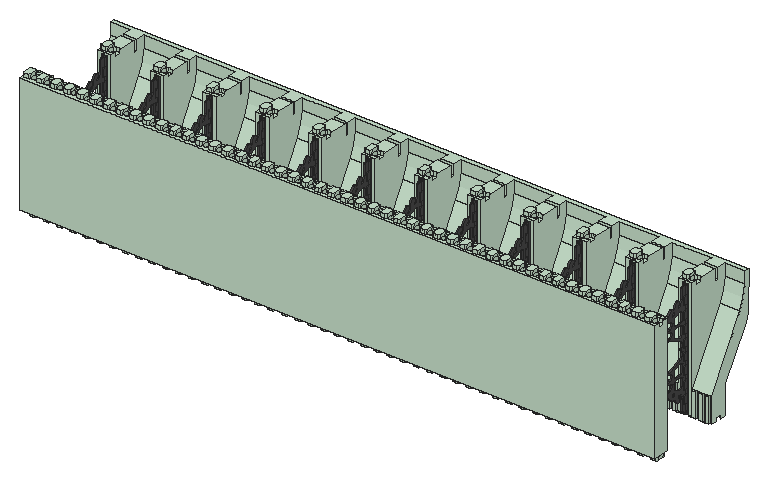
Revit family
Parameters (values of type "Standard 6" Form Unit")
  Core Thickness = 0' - 6"
Reference planes (in)
  plane 1 "Center (Front/Back)": y = -1
  plane 2: z = 0
  plane 3 "Center (Left/Right)": x = 0
  plane 4: x = 96
  plane 5: y = 3
  plane 6: y = -5
  plane 7: y = 5.625
  plane 8: y = -7.625
  plane 9: z = 18
  plane 10: z = 18.5
  plane 11: z = -0.5
Forms (in)
  Extrusion 1, solid, material "NUDURA Expanded Polystyrene Foam Insulation"
    sketch origin (0, -2, 0) x (1, 0, 0) y (0, 1, 0)
      loop
        line (0.28117, -3.25) -> (0, -3.25) -> (0, -5.625) -> (96, -5.625) -> (96, -3.25) -> (95.71883, -3.25) -> (95.78117, -3) -> (95.21883, -3) -> (95.28117, -3.25) -> (94.71883, -3.25) -> (94.78117, -3) -> (94.21883, -3) -> (94.28117, -3.25) -> (93.71883, -3.25) -> (93.78117, -3) -> (93.21883, -3) -> (93.28117, -3.25) -> (90.71883, -3.25) -> (90.78117, -3) -> (90.21883, -3) -> (90.28117, -3.25) -> (89.71883, -3.25) -> (89.78117, -3) -> (89.21883, -3) -> (89.28117, -3.25) -> (88.71883, -3.25) -> (88.78117, -3) -> (88.21883, -3) -> (88.28117, -3.25) -> (87.71883, -3.25) -> (87.78117, -3) -> (87.21883, -3) -> (87.28117, -3.25) -> (86.71883, -3.25) -> (86.78117, -3) -> (86.21883, -3) -> (86.28117, -3.25) -> (85.71883, -3.25) -> (85.78117, -3) -> (85.21883, -3) -> (85.28117, -3.25) -> (82.71883, -3.25) -> (82.78117, -3) -> (82.21883, -3) -> (82.28117, -3.25) -> (81.71883, -3.25) -> (81.78117, -3) -> (81.21883, -3) -> (81.28117, -3.25) -> (80.71883, -3.25) -> (80.78117, -3) -> (80.21883, -3) -> (80.28117, -3.25) -> (79.71883, -3.25) -> (79.78117, -3) -> (79.21883, -3) -> (79.28117, -3.25) -> (78.71883, -3.25) -> (78.78117, -3) -> (78.21883, -3) -> (78.28117, -3.25) -> (77.71883, -3.25) -> (77.78117, -3) -> (77.21883, -3) -> (77.28117, -3.25) -> (74.71883, -3.25) -> (74.78117, -3) -> (74.21883, -3) -> (74.28117, -3.25) -> (73.71883, -3.25) -> (73.78117, -3) -> (73.21883, -3) -> (73.28117, -3.25) -> (72.71883, -3.25) -> (72.78117, -3) -> (72.21883, -3) -> (72.28117, -3.25) -> (71.71883, -3.25) -> (71.78117, -3) -> (71.21883, -3) -> (71.28117, -3.25) -> (70.71883, -3.25) -> (70.78117, -3) -> (70.21883, -3) -> (70.28117, -3.25) -> (69.71883, -3.25) -> (69.78117, -3) -> (69.21883, -3) -> (69.28117, -3.25) -> (66.71883, -3.25) -> (66.78117, -3) -> (66.21883, -3) -> (66.28117, -3.25) -> (65.71883, -3.25) -> (65.78117, -3) -> (65.21883, -3) -> (65.28117, -3.25) -> (64.71883, -3.25) -> (64.78117, -3) -> (64.21883, -3) -> (64.28117, -3.25) -> (63.71883, -3.25) -> (63.78117, -3) -> (63.21883, -3) -> (63.28117, -3.25) -> (62.71883, -3.25) -> (62.78117, -3) -> (62.21883, -3) -> (62.28117, -3.25) -> (61.71883, -3.25) -> (61.78117, -3) -> (61.21883, -3) -> (61.28117, -3.25) -> (58.71883, -3.25) -> (58.78117, -3) -> (58.21883, -3) -> (58.28117, -3.25) -> (57.71883, -3.25) -> (57.78117, -3) -> (57.21883, -3) -> (57.28117, -3.25) -> (56.71883, -3.25) -> (56.78117, -3) -> (56.21883, -3) -> (56.28117, -3.25) -> (55.71883, -3.25) -> (55.78117, -3) -> (55.21883, -3) -> (55.28117, -3.25) -> (54.71883, -3.25) -> (54.78117, -3) -> (54.21883, -3) -> (54.28117, -3.25) -> (53.71883, -3.25) -> (53.78117, -3) -> (53.21883, -3) -> (53.28117, -3.25) -> (50.71883, -3.25) -> (50.78117, -3) -> (50.21883, -3) -> (50.28117, -3.25) -> (49.71883, -3.25) -> (49.78117, -3) -> (49.21883, -3) -> (49.28117, -3.25) -> (48.71883, -3.25) -> (48.78117, -3) -> (48.21883, -3) -> (48.28117, -3.25) -> (47.71883, -3.25) -> (47.78117, -3) -> (47.21883, -3) -> (47.28117, -3.25) -> (46.71883, -3.25) -> (46.78117, -3) -> (46.21883, -3) -> (46.28117, -3.25) -> (45.71883, -3.25) -> (45.78117, -3) -> (45.21883, -3) -> (45.28117, -3.25) -> (42.71883, -3.25) -> (42.78117, -3) -> (42.21883, -3) -> (42.28117, -3.25) -> (41.71883, -3.25) -> (41.78117, -3) -> (41.21883, -3) -> (41.28117, -3.25) -> (40.71883, -3.25) -> (40.78117, -3) -> (40.21883, -3) -> (40.28117, -3.25) -> (39.71883, -3.25) -> (39.78117, -3) -> (39.21883, -3) -> (39.28117, -3.25) -> (38.71883, -3.25) -> (38.78117, -3) -> (38.21883, -3) -> (38.28117, -3.25) -> (37.71883, -3.25) -> (37.78117, -3) -> (37.21883, -3) -> (37.28117, -3.25) -> (34.71883, -3.25) -> (34.78117, -3) -> (34.21883, -3) -> (34.28117, -3.25) -> (33.71883, -3.25) -> (33.78117, -3) -> (33.21883, -3) -> (33.28117, -3.25) -> (32.71883, -3.25) -> (32.78117, -3) -> (32.21883, -3) -> (32.28117, -3.25) -> (31.71883, -3.25) -> (31.78117, -3) -> (31.21883, -3) -> (31.28117, -3.25) -> (30.71883, -3.25) -> (30.78117, -3) -> (30.21883, -3) -> (30.28117, -3.25) -> (29.71883, -3.25) -> (29.78117, -3) -> (29.21883, -3) -> (29.28117, -3.25) -> (26.71883, -3.25) -> (26.78117, -3) -> (26.21883, -3) -> (26.28117, -3.25) -> (25.71883, -3.25) -> (25.78117, -3) -> (25.21883, -3) -> (25.28117, -3.25) -> (24.71883, -3.25) -> (24.78117, -3) -> (24.21883, -3) -> (24.28117, -3.25) -> (23.71883, -3.25) -> (23.78117, -3) -> (23.21883, -3) -> (23.28117, -3.25) -> (22.71883, -3.25) -> (22.78117, -3) -> (22.21883, -3) -> (22.28117, -3.25) -> (21.71883, -3.25) -> (21.78117, -3) -> (21.21883, -3) -> (21.28117, -3.25) -> (18.71883, -3.25) -> (18.78117, -3) -> (18.21883, -3) -> (18.28117, -3.25) -> (17.71883, -3.25) -> (17.78117, -3) -> (17.21883, -3) -> (17.28117, -3.25) -> (16.71883, -3.25) -> (16.78117, -3) -> (16.21883, -3) -> (16.28117, -3.25) -> (15.71883, -3.25) -> (15.78117, -3) -> (15.21883, -3) -> (15.28117, -3.25) -> (14.71883, -3.25) -> (14.78117, -3) -> (14.21883, -3) -> (14.28117, -3.25) -> (13.71883, -3.25) -> (13.78117, -3) -> (13.21883, -3) -> (13.28117, -3.25) -> (10.71883, -3.25) -> (10.78117, -3) -> (10.21883, -3) -> (10.28117, -3.25) -> (9.71883, -3.25) -> (9.78117, -3) -> (9.21883, -3) -> (9.28117, -3.25) -> (8.71883, -3.25) -> (8.78117, -3) -> (8.21883, -3) -> (8.28117, -3.25) -> (7.71883, -3.25) -> (7.78117, -3) -> (7.21883, -3) -> (7.28117, -3.25) -> (6.71883, -3.25) -> (6.78117, -3) -> (6.21883, -3) -> (6.28117, -3.25) -> (5.71883, -3.25) -> (5.78117, -3) -> (5.21883, -3) -> (5.28117, -3.25) -> (2.71883, -3.25) -> (2.78117, -3) -> (2.21883, -3) -> (2.28117, -3.25) -> (1.71883, -3.25) -> (1.78117, -3) -> (1.21883, -3) -> (1.28117, -3.25) -> (0.71883, -3.25) -> (0.78117, -3) -> (0.21883, -3) -> (0.28117, -3.25)
    from 0 to 18
  Extrusion 2, void
    sketch origin (0, -2, 0) x (1, 0, 0) y (0, 1, 0)
      loop
        arc (1, -4.89808) -> (1.04785, -5.04517) -> (1.17308, -5.13595) r 0.25
        arc (1.17308, -5.13595) -> (1.5, -5.1875) -> (1.82692, -5.13595) r 1.0625
        arc (1.82692, -5.13595) -> (1.95215, -5.04517) -> (2, -4.89808) r 0.25
        line (2, -4.89808) -> (2, -3.97692)
        arc (2, -3.97692) -> (1.98276, -3.88568) -> (1.9334, -3.80702) r 0.25
        arc (1.9334, -3.80702) -> (1.92106, -3.78736) -> (1.91675, -3.76455) r 0.0625
        line (1.91675, -3.76455) -> (1.91675, -3.41845) -> (1.74592, -3.41845) -> (1.74592, -3.64005)
        arc (1.74592, -3.64005) -> (1.72385, -3.68771) -> (1.67323, -3.70172) r 0.0625
        arc (1.67323, -3.70172) -> (1.42092, -3.69045) -> (1.17308, -3.73905) r 1.0625
        arc (1.17308, -3.73905) -> (1.04785, -3.82983) -> (1, -3.97692) r 0.25
        line (1, -3.97692) -> (1, -4.89808)
    from 18 to 17.5
  Extrusion 3, void
    sketch origin (2, -2, 0) x (1, 0, 0) y (0, 1, 0)
      loop
        arc (1, -4.89808) -> (1.04785, -5.04517) -> (1.17308, -5.13595) r 0.25
        arc (1.17308, -5.13595) -> (1.5, -5.1875) -> (1.82692, -5.13595) r 1.0625
        arc (1.82692, -5.13595) -> (1.95215, -5.04517) -> (2, -4.89808) r 0.25
        line (2, -4.89808) -> (2, -3.97692)
        arc (2, -3.97692) -> (1.98276, -3.88568) -> (1.9334, -3.80702) r 0.25
        arc (1.9334, -3.80702) -> (1.92106, -3.78736) -> (1.91675, -3.76455) r 0.0625
        line (1.91675, -3.76455) -> (1.91675, -3.41845) -> (1.74592, -3.41845) -> (1.74592, -3.64005)
        arc (1.74592, -3.64005) -> (1.72385, -3.68771) -> (1.67323, -3.70172) r 0.0625
        arc (1.67323, -3.70172) -> (1.42092, -3.69045) -> (1.17308, -3.73905) r 1.0625
        arc (1.17308, -3.73905) -> (1.04785, -3.82983) -> (1, -3.97692) r 0.25
        line (1, -3.97692) -> (1, -4.89808)
    from 18 to 17.5
  Extrusion 4, void
    sketch origin (4, -2, 0) x (1, 0, 0) y (0, 1, 0)
      loop
        arc (1, -4.89808) -> (1.04785, -5.04517) -> (1.17308, -5.13595) r 0.25
        arc (1.17308, -5.13595) -> (1.5, -5.1875) -> (1.82692, -5.13595) r 1.0625
        arc (1.82692, -5.13595) -> (1.95215, -5.04517) -> (2, -4.89808) r 0.25
        line (2, -4.89808) -> (2, -3.97692)
        arc (2, -3.97692) -> (1.98276, -3.88568) -> (1.9334, -3.80702) r 0.25
        arc (1.9334, -3.80702) -> (1.92106, -3.78736) -> (1.91675, -3.76455) r 0.0625
        line (1.91675, -3.76455) -> (1.91675, -3.41845) -> (1.74592, -3.41845) -> (1.74592, -3.64005)
        arc (1.74592, -3.64005) -> (1.72385, -3.68771) -> (1.67323, -3.70172) r 0.0625
        arc (1.67323, -3.70172) -> (1.42092, -3.69045) -> (1.17308, -3.73905) r 1.0625
        arc (1.17308, -3.73905) -> (1.04785, -3.82983) -> (1, -3.97692) r 0.25
        line (1, -3.97692) -> (1, -4.89808)
    from 18 to 17.5
  Extrusion 5, void
    sketch origin (6, -2, 0) x (1, 0, 0) y (0, 1, 0)
      loop
        arc (1, -4.89808) -> (1.04785, -5.04517) -> (1.17308, -5.13595) r 0.25
        arc (1.17308, -5.13595) -> (1.5, -5.1875) -> (1.82692, -5.13595) r 1.0625
        arc (1.82692, -5.13595) -> (1.95215, -5.04517) -> (2, -4.89808) r 0.25
        line (2, -4.89808) -> (2, -3.97692)
        arc (2, -3.97692) -> (1.98276, -3.88568) -> (1.9334, -3.80702) r 0.25
        arc (1.9334, -3.80702) -> (1.92106, -3.78736) -> (1.91675, -3.76455) r 0.0625
        line (1.91675, -3.76455) -> (1.91675, -3.41845) -> (1.74592, -3.41845) -> (1.74592, -3.64005)
        arc (1.74592, -3.64005) -> (1.72385, -3.68771) -> (1.67323, -3.70172) r 0.0625
        arc (1.67323, -3.70172) -> (1.42092, -3.69045) -> (1.17308, -3.73905) r 1.0625
        arc (1.17308, -3.73905) -> (1.04785, -3.82983) -> (1, -3.97692) r 0.25
        line (1, -3.97692) -> (1, -4.89808)
    from 18 to 17.5
  Extrusion 6, void
    sketch origin (8, -2, 0) x (1, 0, 0) y (0, 1, 0)
      loop
        arc (1, -4.89808) -> (1.04785, -5.04517) -> (1.17308, -5.13595) r 0.25
        arc (1.17308, -5.13595) -> (1.5, -5.1875) -> (1.82692, -5.13595) r 1.0625
        arc (1.82692, -5.13595) -> (1.95215, -5.04517) -> (2, -4.89808) r 0.25
        line (2, -4.89808) -> (2, -3.97692)
        arc (2, -3.97692) -> (1.98276, -3.88568) -> (1.9334, -3.80702) r 0.25
        arc (1.9334, -3.80702) -> (1.92106, -3.78736) -> (1.91675, -3.76455) r 0.0625
        line (1.91675, -3.76455) -> (1.91675, -3.41845) -> (1.74592, -3.41845) -> (1.74592, -3.64005)
        arc (1.74592, -3.64005) -> (1.72385, -3.68771) -> (1.67323, -3.70172) r 0.0625
        arc (1.67323, -3.70172) -> (1.42092, -3.69045) -> (1.17308, -3.73905) r 1.0625
        arc (1.17308, -3.73905) -> (1.04785, -3.82983) -> (1, -3.97692) r 0.25
        line (1, -3.97692) -> (1, -4.89808)
    from 18 to 17.5
  Extrusion 7, void
    sketch origin (10, -2, 0) x (1, 0, 0) y (0, 1, 0)
      loop
        arc (1, -4.89808) -> (1.04785, -5.04517) -> (1.17308, -5.13595) r 0.25
        arc (1.17308, -5.13595) -> (1.5, -5.1875) -> (1.82692, -5.13595) r 1.0625
        arc (1.82692, -5.13595) -> (1.95215, -5.04517) -> (2, -4.89808) r 0.25
        line (2, -4.89808) -> (2, -3.97692)
        arc (2, -3.97692) -> (1.98276, -3.88568) -> (1.9334, -3.80702) r 0.25
        arc (1.9334, -3.80702) -> (1.92106, -3.78736) -> (1.91675, -3.76455) r 0.0625
        line (1.91675, -3.76455) -> (1.91675, -3.41845) -> (1.74592, -3.41845) -> (1.74592, -3.64005)
        arc (1.74592, -3.64005) -> (1.72385, -3.68771) -> (1.67323, -3.70172) r 0.0625
        arc (1.67323, -3.70172) -> (1.42092, -3.69045) -> (1.17308, -3.73905) r 1.0625
        arc (1.17308, -3.73905) -> (1.04785, -3.82983) -> (1, -3.97692) r 0.25
        line (1, -3.97692) -> (1, -4.89808)
    from 18 to 17.5
  Extrusion 8, void
    sketch origin (12, -2, 0) x (1, 0, 0) y (0, 1, 0)
      loop
        arc (1, -4.89808) -> (1.04785, -5.04517) -> (1.17308, -5.13595) r 0.25
        arc (1.17308, -5.13595) -> (1.5, -5.1875) -> (1.82692, -5.13595) r 1.0625
        arc (1.82692, -5.13595) -> (1.95215, -5.04517) -> (2, -4.89808) r 0.25
        line (2, -4.89808) -> (2, -3.97692)
        arc (2, -3.97692) -> (1.98276, -3.88568) -> (1.9334, -3.80702) r 0.25
        arc (1.9334, -3.80702) -> (1.92106, -3.78736) -> (1.91675, -3.76455) r 0.0625
        line (1.91675, -3.76455) -> (1.91675, -3.41845) -> (1.74592, -3.41845) -> (1.74592, -3.64005)
        arc (1.74592, -3.64005) -> (1.72385, -3.68771) -> (1.67323, -3.70172) r 0.0625
        arc (1.67323, -3.70172) -> (1.42092, -3.69045) -> (1.17308, -3.73905) r 1.0625
        arc (1.17308, -3.73905) -> (1.04785, -3.82983) -> (1, -3.97692) r 0.25
        line (1, -3.97692) -> (1, -4.89808)
    from 18 to 17.5
  Extrusion 9, void
    sketch origin (14, -2, 0) x (1, 0, 0) y (0, 1, 0)
      loop
        arc (1, -4.89808) -> (1.04785, -5.04517) -> (1.17308, -5.13595) r 0.25
        arc (1.17308, -5.13595) -> (1.5, -5.1875) -> (1.82692, -5.13595) r 1.0625
        arc (1.82692, -5.13595) -> (1.95215, -5.04517) -> (2, -4.89808) r 0.25
        line (2, -4.89808) -> (2, -3.97692)
        arc (2, -3.97692) -> (1.98276, -3.88568) -> (1.9334, -3.80702) r 0.25
        arc (1.9334, -3.80702) -> (1.92106, -3.78736) -> (1.91675, -3.76455) r 0.0625
        line (1.91675, -3.76455) -> (1.91675, -3.41845) -> (1.74592, -3.41845) -> (1.74592, -3.64005)
        arc (1.74592, -3.64005) -> (1.72385, -3.68771) -> (1.67323, -3.70172) r 0.0625
        arc (1.67323, -3.70172) -> (1.42092, -3.69045) -> (1.17308, -3.73905) r 1.0625
        arc (1.17308, -3.73905) -> (1.04785, -3.82983) -> (1, -3.97692) r 0.25
        line (1, -3.97692) -> (1, -4.89808)
    from 18 to 17.5
  Extrusion 10, void
    sketch origin (16, -2, 0) x (1, 0, 0) y (0, 1, 0)
      loop
        arc (1, -4.89808) -> (1.04785, -5.04517) -> (1.17308, -5.13595) r 0.25
        arc (1.17308, -5.13595) -> (1.5, -5.1875) -> (1.82692, -5.13595) r 1.0625
        arc (1.82692, -5.13595) -> (1.95215, -5.04517) -> (2, -4.89808) r 0.25
        line (2, -4.89808) -> (2, -3.97692)
        arc (2, -3.97692) -> (1.98276, -3.88568) -> (1.9334, -3.80702) r 0.25
        arc (1.9334, -3.80702) -> (1.92106, -3.78736) -> (1.91675, -3.76455) r 0.0625
        line (1.91675, -3.76455) -> (1.91675, -3.41845) -> (1.74592, -3.41845) -> (1.74592, -3.64005)
        arc (1.74592, -3.64005) -> (1.72385, -3.68771) -> (1.67323, -3.70172) r 0.0625
        arc (1.67323, -3.70172) -> (1.42092, -3.69045) -> (1.17308, -3.73905) r 1.0625
        arc (1.17308, -3.73905) -> (1.04785, -3.82983) -> (1, -3.97692) r 0.25
        line (1, -3.97692) -> (1, -4.89808)
    from 18 to 17.5
  Extrusion 11, void
    sketch origin (18, -2, 0) x (1, 0, 0) y (0, 1, 0)
      loop
        arc (1, -4.89808) -> (1.04785, -5.04517) -> (1.17308, -5.13595) r 0.25
        arc (1.17308, -5.13595) -> (1.5, -5.1875) -> (1.82692, -5.13595) r 1.0625
        arc (1.82692, -5.13595) -> (1.95215, -5.04517) -> (2, -4.89808) r 0.25
        line (2, -4.89808) -> (2, -3.97692)
        arc (2, -3.97692) -> (1.98276, -3.88568) -> (1.9334, -3.80702) r 0.25
        arc (1.9334, -3.80702) -> (1.92106, -3.78736) -> (1.91675, -3.76455) r 0.0625
        line (1.91675, -3.76455) -> (1.91675, -3.41845) -> (1.74592, -3.41845) -> (1.74592, -3.64005)
        arc (1.74592, -3.64005) -> (1.72385, -3.68771) -> (1.67323, -3.70172) r 0.0625
        arc (1.67323, -3.70172) -> (1.42092, -3.69045) -> (1.17308, -3.73905) r 1.0625
        arc (1.17308, -3.73905) -> (1.04785, -3.82983) -> (1, -3.97692) r 0.25
        line (1, -3.97692) -> (1, -4.89808)
    from 18 to 17.5
  Extrusion 12, void
    sketch origin (20, -2, 0) x (1, 0, 0) y (0, 1, 0)
      loop
        arc (1, -4.89808) -> (1.04785, -5.04517) -> (1.17308, -5.13595) r 0.25
        arc (1.17308, -5.13595) -> (1.5, -5.1875) -> (1.82692, -5.13595) r 1.0625
        arc (1.82692, -5.13595) -> (1.95215, -5.04517) -> (2, -4.89808) r 0.25
        line (2, -4.89808) -> (2, -3.97692)
        arc (2, -3.97692) -> (1.98276, -3.88568) -> (1.9334, -3.80702) r 0.25
        arc (1.9334, -3.80702) -> (1.92106, -3.78736) -> (1.91675, -3.76455) r 0.0625
        line (1.91675, -3.76455) -> (1.91675, -3.41845) -> (1.74592, -3.41845) -> (1.74592, -3.64005)
        arc (1.74592, -3.64005) -> (1.72385, -3.68771) -> (1.67323, -3.70172) r 0.0625
        arc (1.67323, -3.70172) -> (1.42092, -3.69045) -> (1.17308, -3.73905) r 1.0625
        arc (1.17308, -3.73905) -> (1.04785, -3.82983) -> (1, -3.97692) r 0.25
        line (1, -3.97692) -> (1, -4.89808)
    from 18 to 17.5
  Extrusion 13, void
    sketch origin (22, -2, 0) x (1, 0, 0) y (0, 1, 0)
      loop
        arc (1, -4.89808) -> (1.04785, -5.04517) -> (1.17308, -5.13595) r 0.25
        arc (1.17308, -5.13595) -> (1.5, -5.1875) -> (1.82692, -5.13595) r 1.0625
        arc (1.82692, -5.13595) -> (1.95215, -5.04517) -> (2, -4.89808) r 0.25
        line (2, -4.89808) -> (2, -3.97692)
        arc (2, -3.97692) -> (1.98276, -3.88568) -> (1.9334, -3.80702) r 0.25
        arc (1.9334, -3.80702) -> (1.92106, -3.78736) -> (1.91675, -3.76455) r 0.0625
        line (1.91675, -3.76455) -> (1.91675, -3.41845) -> (1.74592, -3.41845) -> (1.74592, -3.64005)
        arc (1.74592, -3.64005) -> (1.72385, -3.68771) -> (1.67323, -3.70172) r 0.0625
        arc (1.67323, -3.70172) -> (1.42092, -3.69045) -> (1.17308, -3.73905) r 1.0625
        arc (1.17308, -3.73905) -> (1.04785, -3.82983) -> (1, -3.97692) r 0.25
        line (1, -3.97692) -> (1, -4.89808)
    from 18 to 17.5
  Extrusion 14, void
    sketch origin (24, -2, 0) x (1, 0, 0) y (0, 1, 0)
      loop
        arc (1, -4.89808) -> (1.04785, -5.04517) -> (1.17308, -5.13595) r 0.25
        arc (1.17308, -5.13595) -> (1.5, -5.1875) -> (1.82692, -5.13595) r 1.0625
        arc (1.82692, -5.13595) -> (1.95215, -5.04517) -> (2, -4.89808) r 0.25
        line (2, -4.89808) -> (2, -3.97692)
        arc (2, -3.97692) -> (1.98276, -3.88568) -> (1.9334, -3.80702) r 0.25
        arc (1.9334, -3.80702) -> (1.92106, -3.78736) -> (1.91675, -3.76455) r 0.0625
        line (1.91675, -3.76455) -> (1.91675, -3.41845) -> (1.74592, -3.41845) -> (1.74592, -3.64005)
        arc (1.74592, -3.64005) -> (1.72385, -3.68771) -> (1.67323, -3.70172) r 0.0625
        arc (1.67323, -3.70172) -> (1.42092, -3.69045) -> (1.17308, -3.73905) r 1.0625
        arc (1.17308, -3.73905) -> (1.04785, -3.82983) -> (1, -3.97692) r 0.25
        line (1, -3.97692) -> (1, -4.89808)
    from 18 to 17.5
  Extrusion 15, void
    sketch origin (26, -2, 0) x (1, 0, 0) y (0, 1, 0)
      loop
        arc (1, -4.89808) -> (1.04785, -5.04517) -> (1.17308, -5.13595) r 0.25
        arc (1.17308, -5.13595) -> (1.5, -5.1875) -> (1.82692, -5.13595) r 1.0625
        arc (1.82692, -5.13595) -> (1.95215, -5.04517) -> (2, -4.89808) r 0.25
        line (2, -4.89808) -> (2, -3.97692)
        arc (2, -3.97692) -> (1.98276, -3.88568) -> (1.9334, -3.80702) r 0.25
        arc (1.9334, -3.80702) -> (1.92106, -3.78736) -> (1.91675, -3.76455) r 0.0625
        line (1.91675, -3.76455) -> (1.91675, -3.41845) -> (1.74592, -3.41845) -> (1.74592, -3.64005)
        arc (1.74592, -3.64005) -> (1.72385, -3.68771) -> (1.67323, -3.70172) r 0.0625
        arc (1.67323, -3.70172) -> (1.42092, -3.69045) -> (1.17308, -3.73905) r 1.0625
        arc (1.17308, -3.73905) -> (1.04785, -3.82983) -> (1, -3.97692) r 0.25
        line (1, -3.97692) -> (1, -4.89808)
    from 18 to 17.5
  Extrusion 16, void
    sketch origin (28, -2, 0) x (1, 0, 0) y (0, 1, 0)
      loop
        arc (1, -4.89808) -> (1.04785, -5.04517) -> (1.17308, -5.13595) r 0.25
        arc (1.17308, -5.13595) -> (1.5, -5.1875) -> (1.82692, -5.13595) r 1.0625
        arc (1.82692, -5.13595) -> (1.95215, -5.04517) -> (2, -4.89808) r 0.25
        line (2, -4.89808) -> (2, -3.97692)
        arc (2, -3.97692) -> (1.98276, -3.88568) -> (1.9334, -3.80702) r 0.25
        arc (1.9334, -3.80702) -> (1.92106, -3.78736) -> (1.91675, -3.76455) r 0.0625
        line (1.91675, -3.76455) -> (1.91675, -3.41845) -> (1.74592, -3.41845) -> (1.74592, -3.64005)
        arc (1.74592, -3.64005) -> (1.72385, -3.68771) -> (1.67323, -3.70172) r 0.0625
        arc (1.67323, -3.70172) -> (1.42092, -3.69045) -> (1.17308, -3.73905) r 1.0625
        arc (1.17308, -3.73905) -> (1.04785, -3.82983) -> (1, -3.97692) r 0.25
        line (1, -3.97692) -> (1, -4.89808)
    from 18 to 17.5
  Extrusion 17, void
    sketch origin (30, -2, 0) x (1, 0, 0) y (0, 1, 0)
      loop
        arc (1, -4.89808) -> (1.04785, -5.04517) -> (1.17308, -5.13595) r 0.25
        arc (1.17308, -5.13595) -> (1.5, -5.1875) -> (1.82692, -5.13595) r 1.0625
        arc (1.82692, -5.13595) -> (1.95215, -5.04517) -> (2, -4.89808) r 0.25
        line (2, -4.89808) -> (2, -3.97692)
        arc (2, -3.97692) -> (1.98276, -3.88568) -> (1.9334, -3.80702) r 0.25
        arc (1.9334, -3.80702) -> (1.92106, -3.78736) -> (1.91675, -3.76455) r 0.0625
        line (1.91675, -3.76455) -> (1.91675, -3.41845) -> (1.74592, -3.41845) -> (1.74592, -3.64005)
        arc (1.74592, -3.64005) -> (1.72385, -3.68771) -> (1.67323, -3.70172) r 0.0625
        arc (1.67323, -3.70172) -> (1.42092, -3.69045) -> (1.17308, -3.73905) r 1.0625
        arc (1.17308, -3.73905) -> (1.04785, -3.82983) -> (1, -3.97692) r 0.25
        line (1, -3.97692) -> (1, -4.89808)
    from 18 to 17.5
  Extrusion 18, void
    sketch origin (32, -2, 0) x (1, 0, 0) y (0, 1, 0)
      loop
        arc (1, -4.89808) -> (1.04785, -5.04517) -> (1.17308, -5.13595) r 0.25
        arc (1.17308, -5.13595) -> (1.5, -5.1875) -> (1.82692, -5.13595) r 1.0625
        arc (1.82692, -5.13595) -> (1.95215, -5.04517) -> (2, -4.89808) r 0.25
        line (2, -4.89808) -> (2, -3.97692)
        arc (2, -3.97692) -> (1.98276, -3.88568) -> (1.9334, -3.80702) r 0.25
        arc (1.9334, -3.80702) -> (1.92106, -3.78736) -> (1.91675, -3.76455) r 0.0625
        line (1.91675, -3.76455) -> (1.91675, -3.41845) -> (1.74592, -3.41845) -> (1.74592, -3.64005)
        arc (1.74592, -3.64005) -> (1.72385, -3.68771) -> (1.67323, -3.70172) r 0.0625
        arc (1.67323, -3.70172) -> (1.42092, -3.69045) -> (1.17308, -3.73905) r 1.0625
        arc (1.17308, -3.73905) -> (1.04785, -3.82983) -> (1, -3.97692) r 0.25
        line (1, -3.97692) -> (1, -4.89808)
    from 18 to 17.5
  Extrusion 19, void
    sketch origin (34, -2, 0) x (1, 0, 0) y (0, 1, 0)
      loop
        arc (1, -4.89808) -> (1.04785, -5.04517) -> (1.17308, -5.13595) r 0.25
        arc (1.17308, -5.13595) -> (1.5, -5.1875) -> (1.82692, -5.13595) r 1.0625
        arc (1.82692, -5.13595) -> (1.95215, -5.04517) -> (2, -4.89808) r 0.25
        line (2, -4.89808) -> (2, -3.97692)
        arc (2, -3.97692) -> (1.98276, -3.88568) -> (1.9334, -3.80702) r 0.25
        arc (1.9334, -3.80702) -> (1.92106, -3.78736) -> (1.91675, -3.76455) r 0.0625
        line (1.91675, -3.76455) -> (1.91675, -3.41845) -> (1.74592, -3.41845) -> (1.74592, -3.64005)
        arc (1.74592, -3.64005) -> (1.72385, -3.68771) -> (1.67323, -3.70172) r 0.0625
        arc (1.67323, -3.70172) -> (1.42092, -3.69045) -> (1.17308, -3.73905) r 1.0625
        arc (1.17308, -3.73905) -> (1.04785, -3.82983) -> (1, -3.97692) r 0.25
        line (1, -3.97692) -> (1, -4.89808)
    from 18 to 17.5
  Extrusion 20, void
    sketch origin (36, -2, 0) x (1, 0, 0) y (0, 1, 0)
      loop
        arc (1, -4.89808) -> (1.04785, -5.04517) -> (1.17308, -5.13595) r 0.25
        arc (1.17308, -5.13595) -> (1.5, -5.1875) -> (1.82692, -5.13595) r 1.0625
        arc (1.82692, -5.13595) -> (1.95215, -5.04517) -> (2, -4.89808) r 0.25
        line (2, -4.89808) -> (2, -3.97692)
        arc (2, -3.97692) -> (1.98276, -3.88568) -> (1.9334, -3.80702) r 0.25
        arc (1.9334, -3.80702) -> (1.92106, -3.78736) -> (1.91675, -3.76455) r 0.0625
        line (1.91675, -3.76455) -> (1.91675, -3.41845) -> (1.74592, -3.41845) -> (1.74592, -3.64005)
        arc (1.74592, -3.64005) -> (1.72385, -3.68771) -> (1.67323, -3.70172) r 0.0625
        arc (1.67323, -3.70172) -> (1.42092, -3.69045) -> (1.17308, -3.73905) r 1.0625
        arc (1.17308, -3.73905) -> (1.04785, -3.82983) -> (1, -3.97692) r 0.25
        line (1, -3.97692) -> (1, -4.89808)
    from 18 to 17.5
  Extrusion 21, void
    sketch origin (38, -2, 0) x (1, 0, 0) y (0, 1, 0)
      loop
        arc (1, -4.89808) -> (1.04785, -5.04517) -> (1.17308, -5.13595) r 0.25
        arc (1.17308, -5.13595) -> (1.5, -5.1875) -> (1.82692, -5.13595) r 1.0625
        arc (1.82692, -5.13595) -> (1.95215, -5.04517) -> (2, -4.89808) r 0.25
        line (2, -4.89808) -> (2, -3.97692)
        arc (2, -3.97692) -> (1.98276, -3.88568) -> (1.9334, -3.80702) r 0.25
        arc (1.9334, -3.80702) -> (1.92106, -3.78736) -> (1.91675, -3.76455) r 0.0625
        line (1.91675, -3.76455) -> (1.91675, -3.41845) -> (1.74592, -3.41845) -> (1.74592, -3.64005)
        arc (1.74592, -3.64005) -> (1.72385, -3.68771) -> (1.67323, -3.70172) r 0.0625
        arc (1.67323, -3.70172) -> (1.42092, -3.69045) -> (1.17308, -3.73905) r 1.0625
        arc (1.17308, -3.73905) -> (1.04785, -3.82983) -> (1, -3.97692) r 0.25
        line (1, -3.97692) -> (1, -4.89808)
    from 18 to 17.5
  Extrusion 22, void
    sketch origin (40, -2, 0) x (1, 0, 0) y (0, 1, 0)
      loop
        arc (1, -4.89808) -> (1.04785, -5.04517) -> (1.17308, -5.13595) r 0.25
        arc (1.17308, -5.13595) -> (1.5, -5.1875) -> (1.82692, -5.13595) r 1.0625
        arc (1.82692, -5.13595) -> (1.95215, -5.04517) -> (2, -4.89808) r 0.25
        line (2, -4.89808) -> (2, -3.97692)
        arc (2, -3.97692) -> (1.98276, -3.88568) -> (1.9334, -3.80702) r 0.25
        arc (1.9334, -3.80702) -> (1.92106, -3.78736) -> (1.91675, -3.76455) r 0.0625
        line (1.91675, -3.76455) -> (1.91675, -3.41845) -> (1.74592, -3.41845) -> (1.74592, -3.64005)
        arc (1.74592, -3.64005) -> (1.72385, -3.68771) -> (1.67323, -3.70172) r 0.0625
        arc (1.67323, -3.70172) -> (1.42092, -3.69045) -> (1.17308, -3.73905) r 1.0625
        arc (1.17308, -3.73905) -> (1.04785, -3.82983) -> (1, -3.97692) r 0.25
        line (1, -3.97692) -> (1, -4.89808)
    from 18 to 17.5
  Extrusion 23, void
    sketch origin (42, -2, 0) x (1, 0, 0) y (0, 1, 0)
      loop
        arc (1, -4.89808) -> (1.04785, -5.04517) -> (1.17308, -5.13595) r 0.25
        arc (1.17308, -5.13595) -> (1.5, -5.1875) -> (1.82692, -5.13595) r 1.0625
        arc (1.82692, -5.13595) -> (1.95215, -5.04517) -> (2, -4.89808) r 0.25
        line (2, -4.89808) -> (2, -3.97692)
        arc (2, -3.97692) -> (1.98276, -3.88568) -> (1.9334, -3.80702) r 0.25
        arc (1.9334, -3.80702) -> (1.92106, -3.78736) -> (1.91675, -3.76455) r 0.0625
        line (1.91675, -3.76455) -> (1.91675, -3.41845) -> (1.74592, -3.41845) -> (1.74592, -3.64005)
        arc (1.74592, -3.64005) -> (1.72385, -3.68771) -> (1.67323, -3.70172) r 0.0625
        arc (1.67323, -3.70172) -> (1.42092, -3.69045) -> (1.17308, -3.73905) r 1.0625
        arc (1.17308, -3.73905) -> (1.04785, -3.82983) -> (1, -3.97692) r 0.25
        line (1, -3.97692) -> (1, -4.89808)
    from 18 to 17.5
  Extrusion 24, void
    sketch origin (44, -2, 0) x (1, 0, 0) y (0, 1, 0)
      loop
        arc (1, -4.89808) -> (1.04785, -5.04517) -> (1.17308, -5.13595) r 0.25
        arc (1.17308, -5.13595) -> (1.5, -5.1875) -> (1.82692, -5.13595) r 1.0625
        arc (1.82692, -5.13595) -> (1.95215, -5.04517) -> (2, -4.89808) r 0.25
        line (2, -4.89808) -> (2, -3.97692)
        arc (2, -3.97692) -> (1.98276, -3.88568) -> (1.9334, -3.80702) r 0.25
        arc (1.9334, -3.80702) -> (1.92106, -3.78736) -> (1.91675, -3.76455) r 0.0625
        line (1.91675, -3.76455) -> (1.91675, -3.41845) -> (1.74592, -3.41845) -> (1.74592, -3.64005)
        arc (1.74592, -3.64005) -> (1.72385, -3.68771) -> (1.67323, -3.70172) r 0.0625
        arc (1.67323, -3.70172) -> (1.42092, -3.69045) -> (1.17308, -3.73905) r 1.0625
        arc (1.17308, -3.73905) -> (1.04785, -3.82983) -> (1, -3.97692) r 0.25
        line (1, -3.97692) -> (1, -4.89808)
    from 18 to 17.5
  Extrusion 25, void
    sketch origin (46, -2, 0) x (1, 0, 0) y (0, 1, 0)
      loop
        arc (1, -4.89808) -> (1.04785, -5.04517) -> (1.17308, -5.13595) r 0.25
        arc (1.17308, -5.13595) -> (1.5, -5.1875) -> (1.82692, -5.13595) r 1.0625
        arc (1.82692, -5.13595) -> (1.95215, -5.04517) -> (2, -4.89808) r 0.25
        line (2, -4.89808) -> (2, -3.97692)
        arc (2, -3.97692) -> (1.98276, -3.88568) -> (1.9334, -3.80702) r 0.25
        arc (1.9334, -3.80702) -> (1.92106, -3.78736) -> (1.91675, -3.76455) r 0.0625
        line (1.91675, -3.76455) -> (1.91675, -3.41845) -> (1.74592, -3.41845) -> (1.74592, -3.64005)
        arc (1.74592, -3.64005) -> (1.72385, -3.68771) -> (1.67323, -3.70172) r 0.0625
        arc (1.67323, -3.70172) -> (1.42092, -3.69045) -> (1.17308, -3.73905) r 1.0625
        arc (1.17308, -3.73905) -> (1.04785, -3.82983) -> (1, -3.97692) r 0.25
        line (1, -3.97692) -> (1, -4.89808)
    from 18 to 17.5
  Extrusion 26, void
    sketch origin (48, -2, 0) x (1, 0, 0) y (0, 1, 0)
      loop
        arc (1, -4.89808) -> (1.04785, -5.04517) -> (1.17308, -5.13595) r 0.25
        arc (1.17308, -5.13595) -> (1.5, -5.1875) -> (1.82692, -5.13595) r 1.0625
        arc (1.82692, -5.13595) -> (1.95215, -5.04517) -> (2, -4.89808) r 0.25
        line (2, -4.89808) -> (2, -3.97692)
        arc (2, -3.97692) -> (1.98276, -3.88568) -> (1.9334, -3.80702) r 0.25
        arc (1.9334, -3.80702) -> (1.92106, -3.78736) -> (1.91675, -3.76455) r 0.0625
        line (1.91675, -3.76455) -> (1.91675, -3.41845) -> (1.74592, -3.41845) -> (1.74592, -3.64005)
        arc (1.74592, -3.64005) -> (1.72385, -3.68771) -> (1.67323, -3.70172) r 0.0625
        arc (1.67323, -3.70172) -> (1.42092, -3.69045) -> (1.17308, -3.73905) r 1.0625
        arc (1.17308, -3.73905) -> (1.04785, -3.82983) -> (1, -3.97692) r 0.25
        line (1, -3.97692) -> (1, -4.89808)
    from 18 to 17.5
  Extrusion 27, void
    sketch origin (50, -2, 0) x (1, 0, 0) y (0, 1, 0)
      loop
        arc (1, -4.89808) -> (1.04785, -5.04517) -> (1.17308, -5.13595) r 0.25
        arc (1.17308, -5.13595) -> (1.5, -5.1875) -> (1.82692, -5.13595) r 1.0625
        arc (1.82692, -5.13595) -> (1.95215, -5.04517) -> (2, -4.89808) r 0.25
        line (2, -4.89808) -> (2, -3.97692)
        arc (2, -3.97692) -> (1.98276, -3.88568) -> (1.9334, -3.80702) r 0.25
        arc (1.9334, -3.80702) -> (1.92106, -3.78736) -> (1.91675, -3.76455) r 0.0625
        line (1.91675, -3.76455) -> (1.91675, -3.41845) -> (1.74592, -3.41845) -> (1.74592, -3.64005)
        arc (1.74592, -3.64005) -> (1.72385, -3.68771) -> (1.67323, -3.70172) r 0.0625
        arc (1.67323, -3.70172) -> (1.42092, -3.69045) -> (1.17308, -3.73905) r 1.0625
        arc (1.17308, -3.73905) -> (1.04785, -3.82983) -> (1, -3.97692) r 0.25
        line (1, -3.97692) -> (1, -4.89808)
    from 18 to 17.5
  Extrusion 28, void
    sketch origin (52, -2, 0) x (1, 0, 0) y (0, 1, 0)
      loop
        arc (1, -4.89808) -> (1.04785, -5.04517) -> (1.17308, -5.13595) r 0.25
        arc (1.17308, -5.13595) -> (1.5, -5.1875) -> (1.82692, -5.13595) r 1.0625
        arc (1.82692, -5.13595) -> (1.95215, -5.04517) -> (2, -4.89808) r 0.25
        line (2, -4.89808) -> (2, -3.97692)
        arc (2, -3.97692) -> (1.98276, -3.88568) -> (1.9334, -3.80702) r 0.25
        arc (1.9334, -3.80702) -> (1.92106, -3.78736) -> (1.91675, -3.76455) r 0.0625
        line (1.91675, -3.76455) -> (1.91675, -3.41845) -> (1.74592, -3.41845) -> (1.74592, -3.64005)
        arc (1.74592, -3.64005) -> (1.72385, -3.68771) -> (1.67323, -3.70172) r 0.0625
        arc (1.67323, -3.70172) -> (1.42092, -3.69045) -> (1.17308, -3.73905) r 1.0625
        arc (1.17308, -3.73905) -> (1.04785, -3.82983) -> (1, -3.97692) r 0.25
        line (1, -3.97692) -> (1, -4.89808)
    from 18 to 17.5
  Extrusion 29, void
    sketch origin (54, -2, 0) x (1, 0, 0) y (0, 1, 0)
      loop
        arc (1, -4.89808) -> (1.04785, -5.04517) -> (1.17308, -5.13595) r 0.25
        arc (1.17308, -5.13595) -> (1.5, -5.1875) -> (1.82692, -5.13595) r 1.0625
        arc (1.82692, -5.13595) -> (1.95215, -5.04517) -> (2, -4.89808) r 0.25
        line (2, -4.89808) -> (2, -3.97692)
        arc (2, -3.97692) -> (1.98276, -3.88568) -> (1.9334, -3.80702) r 0.25
        arc (1.9334, -3.80702) -> (1.92106, -3.78736) -> (1.91675, -3.76455) r 0.0625
        line (1.91675, -3.76455) -> (1.91675, -3.41845) -> (1.74592, -3.41845) -> (1.74592, -3.64005)
        arc (1.74592, -3.64005) -> (1.72385, -3.68771) -> (1.67323, -3.70172) r 0.0625
        arc (1.67323, -3.70172) -> (1.42092, -3.69045) -> (1.17308, -3.73905) r 1.0625
        arc (1.17308, -3.73905) -> (1.04785, -3.82983) -> (1, -3.97692) r 0.25
        line (1, -3.97692) -> (1, -4.89808)
    from 18 to 17.5
  Extrusion 30, void
    sketch origin (56, -2, 0) x (1, 0, 0) y (0, 1, 0)
      loop
        arc (1, -4.89808) -> (1.04785, -5.04517) -> (1.17308, -5.13595) r 0.25
        arc (1.17308, -5.13595) -> (1.5, -5.1875) -> (1.82692, -5.13595) r 1.0625
        arc (1.82692, -5.13595) -> (1.95215, -5.04517) -> (2, -4.89808) r 0.25
        line (2, -4.89808) -> (2, -3.97692)
        arc (2, -3.97692) -> (1.98276, -3.88568) -> (1.9334, -3.80702) r 0.25
        arc (1.9334, -3.80702) -> (1.92106, -3.78736) -> (1.91675, -3.76455) r 0.0625
        line (1.91675, -3.76455) -> (1.91675, -3.41845) -> (1.74592, -3.41845) -> (1.74592, -3.64005)
        arc (1.74592, -3.64005) -> (1.72385, -3.68771) -> (1.67323, -3.70172) r 0.0625
        arc (1.67323, -3.70172) -> (1.42092, -3.69045) -> (1.17308, -3.73905) r 1.0625
        arc (1.17308, -3.73905) -> (1.04785, -3.82983) -> (1, -3.97692) r 0.25
        line (1, -3.97692) -> (1, -4.89808)
    from 18 to 17.5
  Extrusion 31, void
    sketch origin (58, -2, 0) x (1, 0, 0) y (0, 1, 0)
      loop
        arc (1, -4.89808) -> (1.04785, -5.04517) -> (1.17308, -5.13595) r 0.25
        arc (1.17308, -5.13595) -> (1.5, -5.1875) -> (1.82692, -5.13595) r 1.0625
        arc (1.82692, -5.13595) -> (1.95215, -5.04517) -> (2, -4.89808) r 0.25
        line (2, -4.89808) -> (2, -3.97692)
        arc (2, -3.97692) -> (1.98276, -3.88568) -> (1.9334, -3.80702) r 0.25
        arc (1.9334, -3.80702) -> (1.92106, -3.78736) -> (1.91675, -3.76455) r 0.0625
        line (1.91675, -3.76455) -> (1.91675, -3.41845) -> (1.74592, -3.41845) -> (1.74592, -3.64005)
        arc (1.74592, -3.64005) -> (1.72385, -3.68771) -> (1.67323, -3.70172) r 0.0625
        arc (1.67323, -3.70172) -> (1.42092, -3.69045) -> (1.17308, -3.73905) r 1.0625
        arc (1.17308, -3.73905) -> (1.04785, -3.82983) -> (1, -3.97692) r 0.25
        line (1, -3.97692) -> (1, -4.89808)
    from 18 to 17.5
  Extrusion 32, void
    sketch origin (60, -2, 0) x (1, 0, 0) y (0, 1, 0)
      loop
        arc (1, -4.89808) -> (1.04785, -5.04517) -> (1.17308, -5.13595) r 0.25
        arc (1.17308, -5.13595) -> (1.5, -5.1875) -> (1.82692, -5.13595) r 1.0625
        arc (1.82692, -5.13595) -> (1.95215, -5.04517) -> (2, -4.89808) r 0.25
        line (2, -4.89808) -> (2, -3.97692)
        arc (2, -3.97692) -> (1.98276, -3.88568) -> (1.9334, -3.80702) r 0.25
        arc (1.9334, -3.80702) -> (1.92106, -3.78736) -> (1.91675, -3.76455) r 0.0625
        line (1.91675, -3.76455) -> (1.91675, -3.41845) -> (1.74592, -3.41845) -> (1.74592, -3.64005)
        arc (1.74592, -3.64005) -> (1.72385, -3.68771) -> (1.67323, -3.70172) r 0.0625
        arc (1.67323, -3.70172) -> (1.42092, -3.69045) -> (1.17308, -3.73905) r 1.0625
        arc (1.17308, -3.73905) -> (1.04785, -3.82983) -> (1, -3.97692) r 0.25
        line (1, -3.97692) -> (1, -4.89808)
    from 18 to 17.5
  Extrusion 33, void
    sketch origin (62, -2, 0) x (1, 0, 0) y (0, 1, 0)
      loop
        arc (1, -4.89808) -> (1.04785, -5.04517) -> (1.17308, -5.13595) r 0.25
        arc (1.17308, -5.13595) -> (1.5, -5.1875) -> (1.82692, -5.13595) r 1.0625
        arc (1.82692, -5.13595) -> (1.95215, -5.04517) -> (2, -4.89808) r 0.25
        line (2, -4.89808) -> (2, -3.97692)
        arc (2, -3.97692) -> (1.98276, -3.88568) -> (1.9334, -3.80702) r 0.25
        arc (1.9334, -3.80702) -> (1.92106, -3.78736) -> (1.91675, -3.76455) r 0.0625
        line (1.91675, -3.76455) -> (1.91675, -3.41845) -> (1.74592, -3.41845) -> (1.74592, -3.64005)
        arc (1.74592, -3.64005) -> (1.72385, -3.68771) -> (1.67323, -3.70172) r 0.0625
        arc (1.67323, -3.70172) -> (1.42092, -3.69045) -> (1.17308, -3.73905) r 1.0625
        arc (1.17308, -3.73905) -> (1.04785, -3.82983) -> (1, -3.97692) r 0.25
        line (1, -3.97692) -> (1, -4.89808)
    from 18 to 17.5
  Extrusion 34, void
    sketch origin (64, -2, 0) x (1, 0, 0) y (0, 1, 0)
      loop
        arc (1, -4.89808) -> (1.04785, -5.04517) -> (1.17308, -5.13595) r 0.25
        arc (1.17308, -5.13595) -> (1.5, -5.1875) -> (1.82692, -5.13595) r 1.0625
        arc (1.82692, -5.13595) -> (1.95215, -5.04517) -> (2, -4.89808) r 0.25
        line (2, -4.89808) -> (2, -3.97692)
        arc (2, -3.97692) -> (1.98276, -3.88568) -> (1.9334, -3.80702) r 0.25
        arc (1.9334, -3.80702) -> (1.92106, -3.78736) -> (1.91675, -3.76455) r 0.0625
        line (1.91675, -3.76455) -> (1.91675, -3.41845) -> (1.74592, -3.41845) -> (1.74592, -3.64005)
        arc (1.74592, -3.64005) -> (1.72385, -3.68771) -> (1.67323, -3.70172) r 0.0625
        arc (1.67323, -3.70172) -> (1.42092, -3.69045) -> (1.17308, -3.73905) r 1.0625
        arc (1.17308, -3.73905) -> (1.04785, -3.82983) -> (1, -3.97692) r 0.25
        line (1, -3.97692) -> (1, -4.89808)
    from 18 to 17.5
  Extrusion 35, void
    sketch origin (66, -2, 0) x (1, 0, 0) y (0, 1, 0)
      loop
        arc (1, -4.89808) -> (1.04785, -5.04517) -> (1.17308, -5.13595) r 0.25
        arc (1.17308, -5.13595) -> (1.5, -5.1875) -> (1.82692, -5.13595) r 1.0625
        arc (1.82692, -5.13595) -> (1.95215, -5.04517) -> (2, -4.89808) r 0.25
        line (2, -4.89808) -> (2, -3.97692)
        arc (2, -3.97692) -> (1.98276, -3.88568) -> (1.9334, -3.80702) r 0.25
        arc (1.9334, -3.80702) -> (1.92106, -3.78736) -> (1.91675, -3.76455) r 0.0625
        line (1.91675, -3.76455) -> (1.91675, -3.41845) -> (1.74592, -3.41845) -> (1.74592, -3.64005)
        arc (1.74592, -3.64005) -> (1.72385, -3.68771) -> (1.67323, -3.70172) r 0.0625
        arc (1.67323, -3.70172) -> (1.42092, -3.69045) -> (1.17308, -3.73905) r 1.0625
        arc (1.17308, -3.73905) -> (1.04785, -3.82983) -> (1, -3.97692) r 0.25
        line (1, -3.97692) -> (1, -4.89808)
    from 18 to 17.5
  Extrusion 36, void
    sketch origin (68, -2, 0) x (1, 0, 0) y (0, 1, 0)
      loop
        arc (1, -4.89808) -> (1.04785, -5.04517) -> (1.17308, -5.13595) r 0.25
        arc (1.17308, -5.13595) -> (1.5, -5.1875) -> (1.82692, -5.13595) r 1.0625
        arc (1.82692, -5.13595) -> (1.95215, -5.04517) -> (2, -4.89808) r 0.25
        line (2, -4.89808) -> (2, -3.97692)
        arc (2, -3.97692) -> (1.98276, -3.88568) -> (1.9334, -3.80702) r 0.25
        arc (1.9334, -3.80702) -> (1.92106, -3.78736) -> (1.91675, -3.76455) r 0.0625
        line (1.91675, -3.76455) -> (1.91675, -3.41845) -> (1.74592, -3.41845) -> (1.74592, -3.64005)
        arc (1.74592, -3.64005) -> (1.72385, -3.68771) -> (1.67323, -3.70172) r 0.0625
        arc (1.67323, -3.70172) -> (1.42092, -3.69045) -> (1.17308, -3.73905) r 1.0625
        arc (1.17308, -3.73905) -> (1.04785, -3.82983) -> (1, -3.97692) r 0.25
        line (1, -3.97692) -> (1, -4.89808)
    from 18 to 17.5
  Extrusion 37, void
    sketch origin (70, -2, 0) x (1, 0, 0) y (0, 1, 0)
      loop
        arc (1, -4.89808) -> (1.04785, -5.04517) -> (1.17308, -5.13595) r 0.25
        arc (1.17308, -5.13595) -> (1.5, -5.1875) -> (1.82692, -5.13595) r 1.0625
        arc (1.82692, -5.13595) -> (1.95215, -5.04517) -> (2, -4.89808) r 0.25
        line (2, -4.89808) -> (2, -3.97692)
        arc (2, -3.97692) -> (1.98276, -3.88568) -> (1.9334, -3.80702) r 0.25
        arc (1.9334, -3.80702) -> (1.92106, -3.78736) -> (1.91675, -3.76455) r 0.0625
        line (1.91675, -3.76455) -> (1.91675, -3.41845) -> (1.74592, -3.41845) -> (1.74592, -3.64005)
        arc (1.74592, -3.64005) -> (1.72385, -3.68771) -> (1.67323, -3.70172) r 0.0625
        arc (1.67323, -3.70172) -> (1.42092, -3.69045) -> (1.17308, -3.73905) r 1.0625
        arc (1.17308, -3.73905) -> (1.04785, -3.82983) -> (1, -3.97692) r 0.25
        line (1, -3.97692) -> (1, -4.89808)
    from 18 to 17.5
  Extrusion 38, void
    sketch origin (72, -2, 0) x (1, 0, 0) y (0, 1, 0)
      loop
        arc (1, -4.89808) -> (1.04785, -5.04517) -> (1.17308, -5.13595) r 0.25
        arc (1.17308, -5.13595) -> (1.5, -5.1875) -> (1.82692, -5.13595) r 1.0625
        arc (1.82692, -5.13595) -> (1.95215, -5.04517) -> (2, -4.89808) r 0.25
        line (2, -4.89808) -> (2, -3.97692)
        arc (2, -3.97692) -> (1.98276, -3.88568) -> (1.9334, -3.80702) r 0.25
        arc (1.9334, -3.80702) -> (1.92106, -3.78736) -> (1.91675, -3.76455) r 0.0625
        line (1.91675, -3.76455) -> (1.91675, -3.41845) -> (1.74592, -3.41845) -> (1.74592, -3.64005)
        arc (1.74592, -3.64005) -> (1.72385, -3.68771) -> (1.67323, -3.70172) r 0.0625
        arc (1.67323, -3.70172) -> (1.42092, -3.69045) -> (1.17308, -3.73905) r 1.0625
        arc (1.17308, -3.73905) -> (1.04785, -3.82983) -> (1, -3.97692) r 0.25
        line (1, -3.97692) -> (1, -4.89808)
    from 18 to 17.5
  Extrusion 39, void
    sketch origin (74, -2, 0) x (1, 0, 0) y (0, 1, 0)
      loop
        arc (1, -4.89808) -> (1.04785, -5.04517) -> (1.17308, -5.13595) r 0.25
        arc (1.17308, -5.13595) -> (1.5, -5.1875) -> (1.82692, -5.13595) r 1.0625
        arc (1.82692, -5.13595) -> (1.95215, -5.04517) -> (2, -4.89808) r 0.25
        line (2, -4.89808) -> (2, -3.97692)
        arc (2, -3.97692) -> (1.98276, -3.88568) -> (1.9334, -3.80702) r 0.25
        arc (1.9334, -3.80702) -> (1.92106, -3.78736) -> (1.91675, -3.76455) r 0.0625
        line (1.91675, -3.76455) -> (1.91675, -3.41845) -> (1.74592, -3.41845) -> (1.74592, -3.64005)
        arc (1.74592, -3.64005) -> (1.72385, -3.68771) -> (1.67323, -3.70172) r 0.0625
        arc (1.67323, -3.70172) -> (1.42092, -3.69045) -> (1.17308, -3.73905) r 1.0625
        arc (1.17308, -3.73905) -> (1.04785, -3.82983) -> (1, -3.97692) r 0.25
        line (1, -3.97692) -> (1, -4.89808)
    from 18 to 17.5
  Extrusion 40, void
    sketch origin (76, -2, 0) x (1, 0, 0) y (0, 1, 0)
      loop
        arc (1, -4.89808) -> (1.04785, -5.04517) -> (1.17308, -5.13595) r 0.25
        arc (1.17308, -5.13595) -> (1.5, -5.1875) -> (1.82692, -5.13595) r 1.0625
        arc (1.82692, -5.13595) -> (1.95215, -5.04517) -> (2, -4.89808) r 0.25
        line (2, -4.89808) -> (2, -3.97692)
        arc (2, -3.97692) -> (1.98276, -3.88568) -> (1.9334, -3.80702) r 0.25
        arc (1.9334, -3.80702) -> (1.92106, -3.78736) -> (1.91675, -3.76455) r 0.0625
        line (1.91675, -3.76455) -> (1.91675, -3.41845) -> (1.74592, -3.41845) -> (1.74592, -3.64005)
        arc (1.74592, -3.64005) -> (1.72385, -3.68771) -> (1.67323, -3.70172) r 0.0625
        arc (1.67323, -3.70172) -> (1.42092, -3.69045) -> (1.17308, -3.73905) r 1.0625
        arc (1.17308, -3.73905) -> (1.04785, -3.82983) -> (1, -3.97692) r 0.25
        line (1, -3.97692) -> (1, -4.89808)
    from 18 to 17.5
  Extrusion 41, void
    sketch origin (78, -2, 0) x (1, 0, 0) y (0, 1, 0)
      loop
        arc (1, -4.89808) -> (1.04785, -5.04517) -> (1.17308, -5.13595) r 0.25
        arc (1.17308, -5.13595) -> (1.5, -5.1875) -> (1.82692, -5.13595) r 1.0625
        arc (1.82692, -5.13595) -> (1.95215, -5.04517) -> (2, -4.89808) r 0.25
        line (2, -4.89808) -> (2, -3.97692)
        arc (2, -3.97692) -> (1.98276, -3.88568) -> (1.9334, -3.80702) r 0.25
        arc (1.9334, -3.80702) -> (1.92106, -3.78736) -> (1.91675, -3.76455) r 0.0625
        line (1.91675, -3.76455) -> (1.91675, -3.41845) -> (1.74592, -3.41845) -> (1.74592, -3.64005)
        arc (1.74592, -3.64005) -> (1.72385, -3.68771) -> (1.67323, -3.70172) r 0.0625
        arc (1.67323, -3.70172) -> (1.42092, -3.69045) -> (1.17308, -3.73905) r 1.0625
        arc (1.17308, -3.73905) -> (1.04785, -3.82983) -> (1, -3.97692) r 0.25
        line (1, -3.97692) -> (1, -4.89808)
    from 18 to 17.5
  Extrusion 42, void
    sketch origin (80, -2, 0) x (1, 0, 0) y (0, 1, 0)
      loop
        arc (1, -4.89808) -> (1.04785, -5.04517) -> (1.17308, -5.13595) r 0.25
        arc (1.17308, -5.13595) -> (1.5, -5.1875) -> (1.82692, -5.13595) r 1.0625
        arc (1.82692, -5.13595) -> (1.95215, -5.04517) -> (2, -4.89808) r 0.25
        line (2, -4.89808) -> (2, -3.97692)
        arc (2, -3.97692) -> (1.98276, -3.88568) -> (1.9334, -3.80702) r 0.25
        arc (1.9334, -3.80702) -> (1.92106, -3.78736) -> (1.91675, -3.76455) r 0.0625
        line (1.91675, -3.76455) -> (1.91675, -3.41845) -> (1.74592, -3.41845) -> (1.74592, -3.64005)
        arc (1.74592, -3.64005) -> (1.72385, -3.68771) -> (1.67323, -3.70172) r 0.0625
        arc (1.67323, -3.70172) -> (1.42092, -3.69045) -> (1.17308, -3.73905) r 1.0625
        arc (1.17308, -3.73905) -> (1.04785, -3.82983) -> (1, -3.97692) r 0.25
        line (1, -3.97692) -> (1, -4.89808)
    from 18 to 17.5
  Extrusion 43, void
    sketch origin (82, -2, 0) x (1, 0, 0) y (0, 1, 0)
      loop
        arc (1, -4.89808) -> (1.04785, -5.04517) -> (1.17308, -5.13595) r 0.25
        arc (1.17308, -5.13595) -> (1.5, -5.1875) -> (1.82692, -5.13595) r 1.0625
        arc (1.82692, -5.13595) -> (1.95215, -5.04517) -> (2, -4.89808) r 0.25
        line (2, -4.89808) -> (2, -3.97692)
        arc (2, -3.97692) -> (1.98276, -3.88568) -> (1.9334, -3.80702) r 0.25
        arc (1.9334, -3.80702) -> (1.92106, -3.78736) -> (1.91675, -3.76455) r 0.0625
        line (1.91675, -3.76455) -> (1.91675, -3.41845) -> (1.74592, -3.41845) -> (1.74592, -3.64005)
        arc (1.74592, -3.64005) -> (1.72385, -3.68771) -> (1.67323, -3.70172) r 0.0625
        arc (1.67323, -3.70172) -> (1.42092, -3.69045) -> (1.17308, -3.73905) r 1.0625
        arc (1.17308, -3.73905) -> (1.04785, -3.82983) -> (1, -3.97692) r 0.25
        line (1, -3.97692) -> (1, -4.89808)
    from 18 to 17.5
  Extrusion 44, void
    sketch origin (84, -2, 0) x (1, 0, 0) y (0, 1, 0)
      loop
        arc (1, -4.89808) -> (1.04785, -5.04517) -> (1.17308, -5.13595) r 0.25
        arc (1.17308, -5.13595) -> (1.5, -5.1875) -> (1.82692, -5.13595) r 1.0625
        arc (1.82692, -5.13595) -> (1.95215, -5.04517) -> (2, -4.89808) r 0.25
        line (2, -4.89808) -> (2, -3.97692)
        arc (2, -3.97692) -> (1.98276, -3.88568) -> (1.9334, -3.80702) r 0.25
        arc (1.9334, -3.80702) -> (1.92106, -3.78736) -> (1.91675, -3.76455) r 0.0625
        line (1.91675, -3.76455) -> (1.91675, -3.41845) -> (1.74592, -3.41845) -> (1.74592, -3.64005)
        arc (1.74592, -3.64005) -> (1.72385, -3.68771) -> (1.67323, -3.70172) r 0.0625
        arc (1.67323, -3.70172) -> (1.42092, -3.69045) -> (1.17308, -3.73905) r 1.0625
        arc (1.17308, -3.73905) -> (1.04785, -3.82983) -> (1, -3.97692) r 0.25
        line (1, -3.97692) -> (1, -4.89808)
    from 18 to 17.5
  Extrusion 45, void
    sketch origin (86, -2, 0) x (1, 0, 0) y (0, 1, 0)
      loop
        arc (1, -4.89808) -> (1.04785, -5.04517) -> (1.17308, -5.13595) r 0.25
        arc (1.17308, -5.13595) -> (1.5, -5.1875) -> (1.82692, -5.13595) r 1.0625
        arc (1.82692, -5.13595) -> (1.95215, -5.04517) -> (2, -4.89808) r 0.25
        line (2, -4.89808) -> (2, -3.97692)
        arc (2, -3.97692) -> (1.98276, -3.88568) -> (1.9334, -3.80702) r 0.25
        arc (1.9334, -3.80702) -> (1.92106, -3.78736) -> (1.91675, -3.76455) r 0.0625
        line (1.91675, -3.76455) -> (1.91675, -3.41845) -> (1.74592, -3.41845) -> (1.74592, -3.64005)
        arc (1.74592, -3.64005) -> (1.72385, -3.68771) -> (1.67323, -3.70172) r 0.0625
        arc (1.67323, -3.70172) -> (1.42092, -3.69045) -> (1.17308, -3.73905) r 1.0625
        arc (1.17308, -3.73905) -> (1.04785, -3.82983) -> (1, -3.97692) r 0.25
        line (1, -3.97692) -> (1, -4.89808)
    from 18 to 17.5
  Extrusion 46, void
    sketch origin (88, -2, 0) x (1, 0, 0) y (0, 1, 0)
      loop
        arc (1, -4.89808) -> (1.04785, -5.04517) -> (1.17308, -5.13595) r 0.25
        arc (1.17308, -5.13595) -> (1.5, -5.1875) -> (1.82692, -5.13595) r 1.0625
        arc (1.82692, -5.13595) -> (1.95215, -5.04517) -> (2, -4.89808) r 0.25
        line (2, -4.89808) -> (2, -3.97692)
        arc (2, -3.97692) -> (1.98276, -3.88568) -> (1.9334, -3.80702) r 0.25
        arc (1.9334, -3.80702) -> (1.92106, -3.78736) -> (1.91675, -3.76455) r 0.0625
        line (1.91675, -3.76455) -> (1.91675, -3.41845) -> (1.74592, -3.41845) -> (1.74592, -3.64005)
        arc (1.74592, -3.64005) -> (1.72385, -3.68771) -> (1.67323, -3.70172) r 0.0625
        arc (1.67323, -3.70172) -> (1.42092, -3.69045) -> (1.17308, -3.73905) r 1.0625
        arc (1.17308, -3.73905) -> (1.04785, -3.82983) -> (1, -3.97692) r 0.25
        line (1, -3.97692) -> (1, -4.89808)
    from 18 to 17.5
  Extrusion 47, void
    sketch origin (90, -2, 0) x (1, 0, 0) y (0, 1, 0)
      loop
        arc (1, -4.89808) -> (1.04785, -5.04517) -> (1.17308, -5.13595) r 0.25
        arc (1.17308, -5.13595) -> (1.5, -5.1875) -> (1.82692, -5.13595) r 1.0625
        arc (1.82692, -5.13595) -> (1.95215, -5.04517) -> (2, -4.89808) r 0.25
        line (2, -4.89808) -> (2, -3.97692)
        arc (2, -3.97692) -> (1.98276, -3.88568) -> (1.9334, -3.80702) r 0.25
        arc (1.9334, -3.80702) -> (1.92106, -3.78736) -> (1.91675, -3.76455) r 0.0625
        line (1.91675, -3.76455) -> (1.91675, -3.41845) -> (1.74592, -3.41845) -> (1.74592, -3.64005)
        arc (1.74592, -3.64005) -> (1.72385, -3.68771) -> (1.67323, -3.70172) r 0.0625
        arc (1.67323, -3.70172) -> (1.42092, -3.69045) -> (1.17308, -3.73905) r 1.0625
        arc (1.17308, -3.73905) -> (1.04785, -3.82983) -> (1, -3.97692) r 0.25
        line (1, -3.97692) -> (1, -4.89808)
    from 18 to 17.5
  Extrusion 48, void
    sketch origin (92, -2, 0) x (1, 0, 0) y (0, 1, 0)
      loop
        arc (1, -4.89808) -> (1.04785, -5.04517) -> (1.17308, -5.13595) r 0.25
        arc (1.17308, -5.13595) -> (1.5, -5.1875) -> (1.82692, -5.13595) r 1.0625
        arc (1.82692, -5.13595) -> (1.95215, -5.04517) -> (2, -4.89808) r 0.25
        line (2, -4.89808) -> (2, -3.97692)
        arc (2, -3.97692) -> (1.98276, -3.88568) -> (1.9334, -3.80702) r 0.25
        arc (1.9334, -3.80702) -> (1.92106, -3.78736) -> (1.91675, -3.76455) r 0.0625
        line (1.91675, -3.76455) -> (1.91675, -3.41845) -> (1.74592, -3.41845) -> (1.74592, -3.64005)
        arc (1.74592, -3.64005) -> (1.72385, -3.68771) -> (1.67323, -3.70172) r 0.0625
        arc (1.67323, -3.70172) -> (1.42092, -3.69045) -> (1.17308, -3.73905) r 1.0625
        arc (1.17308, -3.73905) -> (1.04785, -3.82983) -> (1, -3.97692) r 0.25
        line (1, -3.97692) -> (1, -4.89808)
    from 18 to 17.5
  Extrusion 49, void
    sketch origin (94, -2, 0) x (1, 0, 0) y (0, 1, 0)
      loop
        arc (1, -4.89808) -> (1.04785, -5.04517) -> (1.17308, -5.13595) r 0.25
        arc (1.17308, -5.13595) -> (1.5, -5.1875) -> (1.82692, -5.13595) r 1.0625
        arc (1.82692, -5.13595) -> (1.95215, -5.04517) -> (2, -4.89808) r 0.25
        line (2, -4.89808) -> (2, -3.97692)
        arc (2, -3.97692) -> (1.98276, -3.88568) -> (1.9334, -3.80702) r 0.25
        arc (1.9334, -3.80702) -> (1.92106, -3.78736) -> (1.91675, -3.76455) r 0.0625
        line (1.91675, -3.76455) -> (1.91675, -3.41845) -> (1.74592, -3.41845) -> (1.74592, -3.64005)
        arc (1.74592, -3.64005) -> (1.72385, -3.68771) -> (1.67323, -3.70172) r 0.0625
        arc (1.67323, -3.70172) -> (1.42092, -3.69045) -> (1.17308, -3.73905) r 1.0625
        arc (1.17308, -3.73905) -> (1.04785, -3.82983) -> (1, -3.97692) r 0.25
        line (1, -3.97692) -> (1, -4.89808)
    from 18 to 17.5
  Extrusion 50, void
    sketch origin (94, 0, 0) x (-1, 0, 0) y (0, -1, 0)
      loop
        arc (1, -4.89808) -> (1.04785, -5.04517) -> (1.17308, -5.13595) r 0.25
        arc (1.17308, -5.13595) -> (1.5, -5.1875) -> (1.82692, -5.13595) r 1.0625
        arc (1.82692, -5.13595) -> (1.95215, -5.04517) -> (2, -4.89808) r 0.25
        line (2, -4.89808) -> (2, -3.97692)
        arc (2, -3.97692) -> (1.98276, -3.88568) -> (1.9334, -3.80702) r 0.25
        arc (1.9334, -3.80702) -> (1.92106, -3.78736) -> (1.91675, -3.76455) r 0.0625
        line (1.91675, -3.76455) -> (1.91675, -3.41845) -> (1.74592, -3.41845) -> (1.74592, -3.64005)
        arc (1.74592, -3.64005) -> (1.72385, -3.68771) -> (1.67323, -3.70172) r 0.0625
        arc (1.67323, -3.70172) -> (1.42092, -3.69045) -> (1.17308, -3.73905) r 1.0625
        arc (1.17308, -3.73905) -> (1.04785, -3.82983) -> (1, -3.97692) r 0.25
        line (1, -3.97692) -> (1, -4.89808)
    from 18 to 17.5
